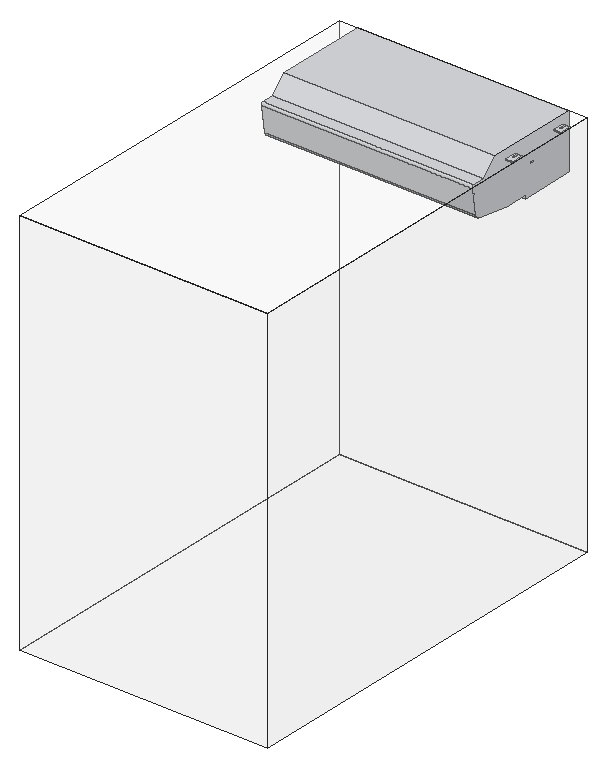
Revit family "pc-rp80140ha20_60hz", category 機械設備, Revit 2019
Family settings
  丸型コネクタ寸法 = 直径を使用
  パーツ タイプ = 標準
  OmniClass 番号 = 23.75.10.24.21.27.27
  OmniClass タイトル = Split System Air Conditioning Units
  作業面ベース = いいえ
  常に垂直 = はい
  ロード時にボイドで切り取り = いいえ
  共有 = いいえ
  部屋計算ポイント = はい
Parameters (values of type "厨房天吊_PC-RP80HA20")
  風量_強 (㎥/min) = 17
  風量_弱 (㎥/min) = 15
  風量 = MAX風量  # 1020.0 m³/h
  音響パワーレベル_強 (dB) = 57
  音響パワーレベル_弱 (dB) = 55
  音響パワーレベル(dB) = [音響パワーレベル_強 (dB)]  # 57
  電源種別 = ""
  電源_H = 0 mm
  電圧 = 0 V
  電動機出力_送風機 = 0.04 kW
  運転質量 = 0.00 kg
  連動 = ""
  質量 = if(製品質量 > 運転質量, 製品質量, 運転質量) * 1.2  # 50.40 kg
  負荷分類 = 3_ファン類
  構成品番 = "PC-RP80HA20"
  冷媒液管位置 = 175 mm
  冷媒ガス管位置 = 197 mm
  ドレン管径 (外径) = 32 mm
  【値が 0 の項目は組合せ形名にてご確認ください】 = ""
  MIN風量 = [風量_弱 (㎥/min)] * 60.0 m³/h  # 900.0 m³/h
  MAX風量 = [風量_強 (㎥/min)] * 60.0 m³/h  # 1020.0 m³/h
  サービススペース = yes
  ケーブルサイズ = 0 mm
  Version = ""
  URL = "https://www.mitsubishielectric.co.jp/ldg/wink/ssl/top.do"
  Line = not(Width = 1136 mm)  # no
  説明 = "店舗・事務所用パッケージエアコン(Mr.SLIM) 厨房用(天吊形)"
  設計暖房能力 = 0.00 kW
  設計冷房能力_顕熱 = 0 kW
  設計冷房能力 = 0 kW
  設置方法 = "天井吊形"
  記号 = ""
  製造元 = "三菱電機株式会社"
  製品質量 = 42.00 kg
  製品出荷対象 = "国内"
  製品リリース年月 = ""
  製品グループ = ""
  系統 = ""
  符号 = "PAC_CRK"
  積算_科目 = "1 空気調和設備"
  積算_拾い区分 [instance] = ""
  相 = 1
  盤記号 = ""
  発停方法 = "付属スイッチ"
  特殊仕様 = ""
  火災停止 = ""
  消費電力_暖房 = 0.14 kW
  消費電力_冷房 = 0.14 kW
  消費電力 = if(消費電力_冷房 > 消費電力_暖房, 消費電力_冷房, 消費電力_暖房)  # 0.14 kW
  法定耐用年数 = "6"
  極数 = 1
  材質 = ""
  本体マテリアル = none
  有効加湿量 = 0
  暖房能力 = 8.00 kW
  推奨ブレーカー容量 = 0 A
  形式_加湿器 = ""
  形式 = "厨房用天井吊（露出）形"
  幹線記号 = ""
  始動方式 = "直入"
  呼称 = "室内機_厨房用天井吊（露出）形"
  周波数 = 60 Hz
  吊り位置Y = 320 mm
  吊り位置X = 1180 mm
  吊りボルト_H = 43 mm
  台数_手元リモコン = ""
  台数_冷媒分岐ユニット = ""
  参照している仕様書等のバージョン = "公共建築工事標準仕様書（機械設備工事編）平成31年度版"
  加湿給水管径 = 0.00 mm
  分類コード = "50053003123100"
  分類グループ = ""
  冷房能力 = 7.1 kW
  冷媒高低圧ガス管径 = 0.00 mm
  冷媒管径符号 = "Bd"
  冷媒管径 = 100.00 mm
  冷媒液管高さ = 165 mm
  冷媒液管径 = 9.52 mm
  冷媒ガス管高さ = 165 mm
  冷媒ガス管径 = 15.88 mm
  企業コード = "108420"
  付属品_フィルター = ""
  付属品 = ""
  仕様書バージョン = "Version1.0"
  Model = ""
  パネルマテリアル = none
  ドレン管高さ = 254 mm
  ドレン管径 = 25.00 mm
  コメント [instance] = ""
  ケーブル種類 = ""
  Width = 1136 mm
  Uniclass2015Version = "Systems v1.9"
  Uniclass2015Title = "Split coil remote air cooled condensing units"
  Uniclass2015Code = "Pr_70_65_03_84"
  SpecificationReference = ""
  SpecificationDescription = ""
  S_H = 295 mm
  Revision = ""
  ProductInformation = ""
  OmniClassCode = "23-33 17 13 11"
  IfcTypeProduct = ""
  IfcProduct = ""
  IfcExportType = "AIRCONDITIONINGUNIT"
  IfcExportAs = "IfcUnitaryEquipmentType"
  Height = 280 mm
  Depth = 650 mm
  価格 = 0
  Clearance Top = 2 mm
  Clearance Right = 100 mm
  Clearance Left = 100 mm
  Clearance Front = 1500 mm
  Clearance Bottom = 1800 mm
  Clearance Back = 0 mm
  Author = "三菱電機株式会社"
Types (2, lengths in mm): name | 風量_強 (㎥/min) | 風量_弱 (㎥/min) | 風量 | 音響パワーレベル_強 (dB) | 音響パワーレベル_弱 (dB) | 音響パワーレベル(dB) | 電動機出力_送風機 | 質量 | 構成品番 | MIN風量 | MAX風量 | Line | 製品質量 | 消費電力_暖房 | 消費電力_冷房 | 消費電力 | 暖房能力 | 吊り位置X | 冷房能力 | Width
  厨房天吊_PC-RP140HA20 | 38 | 28 | 2280.0 m³/h | 68 | 61 | 68 | 0.16 kW | 67.20 kg | "PC-RP140HA20" | 1680.0 m³/h | 2280.0 m³/h | yes | 56.00 kg | 0.34 kW | 0.34 kW | 0.34 kW | 14.00 kW | 1564 | 12.5 kW | 1520
  厨房天吊_PC-RP80HA20 | 17 | 15 | 1020.0 m³/h | 57 | 55 | 57 | 0.04 kW | 50.40 kg | "PC-RP80HA20" | 900.0 m³/h | 1020.0 m³/h | no | 42.00 kg | 0.14 kW | 0.14 kW | 0.14 kW | 8.00 kW | 1180 | 7.1 kW | 1136
Reference planes
  plane 1 "中心(正面/背面)": y = 0
  plane 2: z = 0
  plane 3 "中心(左/右)": x = 0
  plane 4: x = 523
  plane 5: z = 3835
  plane 6: x = 438
  plane 7: z = 3835
  plane 8: x = 463
  plane 9: z = 3746
  plane 10: x = 668
  plane 11: x = 568
  plane 12: x = -668
  plane 13: x = -568
  plane 14: y = -650
  plane 15: z = -280
  plane 16: y = -2150
  plane 17: x = -590
  plane 18: x = 590
  plane 19: z = -2095
  plane 20: z = -295
  plane 21: x = 558.3
  plane 22: y = -80
  plane 23: y = -400
  plane 24: y = -325
  plane 25: y = -197
  plane 26: y = -175
  plane 27: y = -70
  plane 28: z = -43
  plane 29: z = -165
  plane 30: z = -254
  plane 31: x = 523
  plane 32: x = 438
  plane 33: x = 463
  plane 34: x = 463
  plane 35: z = 3746
  plane 36: z = 2
  plane 37: z = -95
  plane 38: z = -165
Forms (mm)
  Extrusion 1, solid
    sketch origin (0, -325, -4000) x (0, 1, 0) y (0, 0, 1)
      loop
        line (325, 4000) -> (-171.734, 4000) -> (-246.938, 3924.796) -> (-313.202, 3924.796)
        arc (-313.202, 3924.796) -> (-322.395, 3920.509) -> (-325.02, 3910.712) r 12
        line (-325.02, 3910.712) -> (-299.97, 3768.648)
        arc (-299.97, 3768.648) -> (-294.972, 3759.046) -> (-285.369, 3754.047) r 18
        line (-285.369, 3754.047) -> (-92.277, 3720) -> (35.069, 3720) -> (35.069, 3705) -> (325, 3705) -> (325, 4000)
    from -568 to 568
  Extrusion 2, solid, detail levels fine
    sketch origin (0, 0, 0) x (0, 0, -1) y (-1, 0, 0)
      loop
        circle (165.005, -523) r 7.94
    from -325 to -197
  Extrusion 3, solid, detail levels fine
    sketch origin (0, 0, 0) x (0, 0, -1) y (-1, 0, 0)
      loop
        circle (165.005, -438) r 4.76
    from -175 to -325
  Extrusion 4, solid, detail levels fine
    sketch origin (0, 0, 0) x (0, 0, -1) y (-1, 0, 0)
      loop
        circle (254.005, -463) r 16
    from -70 to -325
  Extrusion 5, solid, detail levels fine
    sketch origin (0, 0, -4000) x (1, 0, 0) y (0, 1, 0)
      loop
        line (568, -370) -> (568, -430) -> (612, -430) -> (612, -370) -> (595, -370) -> (595, -400)
        arc (595, -400) -> (590, -405) -> (585, -400) r 5
        line (585, -400) -> (585, -370) -> (568, -370)
    from 3954.5 to 3959.5
  Extrusion 6, solid, detail levels fine
    sketch origin (0, 320, -4000) x (1, 0, 0) y (0, 1, 0)
      loop
        line (568, -370) -> (568, -430) -> (612, -430) -> (612, -370) -> (595, -370) -> (595, -400)
        arc (595, -400) -> (590, -405) -> (585, -400) r 5
        line (585, -400) -> (585, -370) -> (568, -370)
    from 3954.5 to 3959.5
  Extrusion 7, solid, detail levels fine
    sketch origin (-1180, 0, -4000) x (1, 0, 0) y (0, 1, 0)
      loop
        line (568, -370) -> (568, -430) -> (612, -430) -> (612, -370) -> (595, -370) -> (595, -400)
        arc (595, -400) -> (590, -405) -> (585, -400) r 5
        line (585, -400) -> (585, -370) -> (568, -370)
    from 3954.5 to 3959.5
  Extrusion 8, solid, detail levels fine
    sketch origin (-1180, 320, -4000) x (1, 0, 0) y (0, 1, 0)
      loop
        line (568, -370) -> (568, -430) -> (612, -430) -> (612, -370) -> (595, -370) -> (595, -400)
        arc (595, -400) -> (590, -405) -> (585, -400) r 5
        line (585, -400) -> (585, -370) -> (568, -370)
    from 3954.5 to 3959.5
  Extrusion 9, solid, detail levels fine
    sketch origin (-3.482, 0, 0) x (1, 0, 0) y (0, 0, 1)
      loop
        circle (483.982, -165) r 50
    from 0 to 5
  Extrusion 10, solid, detail levels fine
    sketch origin (0, 160, 0) x (0, 0, -1) y (-1, 0, 0)
      loop
        circle (254.005, -463) r 16
    from -160 to -165
Lines and regions (mm)
  model lines, detail levels fine
    curve 1: line (-493, -647.647, -102.744) -> (-493, -628.546, -211.073)
    curve 2: line (493, -647.647, -102.744) -> (493, -628.546, -211.073)
    curve 3: line (-493, -647.647, -102.744) -> (493, -647.647, -102.744)
    curve 4: line (493, -628.546, -211.073) -> (-493, -628.546, -211.073)
Dimensions and locks
  equal spacing: plane 13, plane 3 "中心(左/右)", plane 11
  "Width": plane 13 to plane 11
  "Clearance Right": plane 11 to plane 10
  "Clearance Left": plane 12 to plane 13
  "Depth": plane 14 to plane 1 "中心(正面/背面)"
  "Height": level to plane 15
  "Clearance Front": plane 16 to plane 14
  equal spacing: plane 17, plane 3 "中心(左/右)", plane 18
  "吊り位置X": plane 17 to plane 18
  "S_H": level to plane 20
  locked: plane 21 to plane 11 at 9.7
  locked: plane 22 to plane 1 "中心(正面/背面)" at 80
  "吊り位置Y": plane 22 to plane 23
  plane 27 to plane 1 "中心(正面/背面)" = 70 mm
  "冷媒液管位置": plane 26 to plane 1 "中心(正面/背面)"  (x2)
  "冷媒ガス管位置": plane 25 to plane 1 "中心(正面/背面)"  (x2)
  plane 24 to plane 25 = 128 mm
  plane 24 to plane 26 = 150 mm
  "Clearance Bottom": plane 20 to plane 19
  "吊りボルト_H": level to plane 28
  level to plane 29 = 165 mm
  level to plane 30 = 254 mm
  plane 31 to plane 11 = 45 mm
  plane 32 to plane 31 = 85 mm
  plane 33 to plane 11 = 105 mm
  "Clearance Back": plane 1 "中心(正面/背面)" to nested 1
  equal spacing: plane 32, Extrusion 9 sketch curve, plane 31
  "Clearance Top": plane 36 to plane 2
  "冷媒ガス管高さ": plane 2 to plane 29
  "冷媒液管高さ": Extrusion 1 to plane 38
  "冷媒液管径": diameter of Extrusion 3 sketch curve
  "冷媒ガス管径": diameter of Extrusion 2 sketch curve
  "ドレン管径 (外径)": diameter of Extrusion 4 sketch curve
  "ドレン管径 (外径)": diameter of Extrusion 10 sketch curve
  aligned and locked: level to plane 2
  aligned and locked: plane 11 to Extrusion 1
  aligned and locked: plane 13 to Extrusion 1
  aligned and locked: plane 12 to nested 1
  aligned and locked: nested 1 to plane 10
  aligned and locked: plane 17 to nested 2
  aligned and locked: nested 2 to plane 18
  aligned and locked: plane 20 to Extrusion 1
  aligned and locked: plane 19 to nested 1
  aligned and locked: plane 21 to nested 3
  aligned and locked: nested 1 to plane 16
  aligned and locked: plane 22 to nested 2
  aligned and locked: plane 23 to nested 2
  aligned and locked: plane 1 "中心(正面/背面)" to nested 1
  aligned and locked: plane 36 to nested 1
Automatic sketch dimensions
  Extrusion 1 sketch curve to level = 0 mm
  Extrusion 1 sketch curve to plane 15 = 0 mm
  Extrusion 1 sketch curve to plane 20 = 0 mm
  Extrusion 1 sketch curve to plane 1 "中心(正面/背面)" = 0 mm
  plane 24 to Extrusion 1 sketch curve = 35.069 mm
  Extrusion 1 sketch curve to plane 23 = 17.277 mm
  Extrusion 1 sketch curve to plane 23 = 96.734 mm
  Extrusion 1 sketch curve to plane 28 = 32.204 mm
  plane 14 to Extrusion 1 sketch curve = 78.062 mm
  plane 14 to Extrusion 1 sketch curve = 42.756 mm
  plane 30 to Extrusion 1 sketch curve = 8.047 mm
  Extrusion 1 sketch curve to Extrusion 1 sketch curve = 3.126 mm
  Extrusion 1 sketch curve to Extrusion 1 sketch curve = 17.727 mm
  plane 14 to Extrusion 1 sketch curve = 11.798 mm
  Extrusion 1 sketch curve to plane 14 = 0.02 mm
  Extrusion 1 sketch curve to Extrusion 1 sketch curve = 14.601 mm
  Extrusion 1 sketch curve to Extrusion 1 sketch curve = 14.084 mm
  Extrusion 1 to curve 3 = 13.664 mm
  curve 2 to Extrusion 1 = 20.591 mm
  Extrusion 1 to curve 1 = 75 mm
  Extrusion 1 to curve 3 = 75 mm
  Extrusion 5 sketch curve to plane 11 = 0 mm
  Extrusion 5 sketch curve to plane 23 = 0 mm
  Extrusion 5 sketch curve to plane 18 = 0 mm
  Extrusion 5 sketch curve to Extrusion 5 sketch curve = 5 mm
  Extrusion 5 sketch curve to plane 18 = 22 mm
  Extrusion 5 sketch curve to plane 23 = 30 mm
  plane 23 to Extrusion 5 sketch curve = 30 mm
  Extrusion 5 sketch curve to Extrusion 5 sketch curve = 0 mm
  Extrusion 6 sketch curve to plane 11 = 0 mm
  Extrusion 6 sketch curve to plane 22 = 0 mm
  Extrusion 6 sketch curve to plane 18 = 0 mm
  Extrusion 6 sketch curve to Extrusion 6 sketch curve = 5 mm
  Extrusion 6 sketch curve to plane 18 = 22 mm
  Extrusion 6 sketch curve to plane 22 = 30 mm
  plane 27 to Extrusion 6 sketch curve = 20 mm
  Extrusion 6 sketch curve to Extrusion 6 sketch curve = 0 mm
  Extrusion 7 sketch curve to plane 23 = 0 mm
  Extrusion 7 sketch curve to plane 17 = 0 mm
  Extrusion 7 sketch curve to plane 13 = 0 mm
  Extrusion 7 sketch curve to plane 17 = 5 mm
  Extrusion 7 sketch curve to plane 17 = 22 mm
  Extrusion 7 sketch curve to plane 23 = 30 mm
  plane 23 to Extrusion 7 sketch curve = 30 mm
  Extrusion 7 sketch curve to Extrusion 7 sketch curve = 0 mm
  Extrusion 8 sketch curve to plane 22 = 0 mm
  Extrusion 8 sketch curve to plane 17 = 0 mm
  Extrusion 8 sketch curve to plane 13 = 0 mm
  Extrusion 8 sketch curve to plane 17 = 5 mm
  Extrusion 8 sketch curve to plane 17 = 22 mm
  Extrusion 8 sketch curve to plane 22 = 30 mm
  plane 27 to Extrusion 8 sketch curve = 20 mm
  Extrusion 8 sketch curve to Extrusion 8 sketch curve = 0 mm
  Extrusion 9 sketch curve to plane 29 = 0 mm
  Extrusion 1 to Extrusion 2 sketch curve = 45 mm
  Extrusion 2 sketch curve to Extrusion 1 = 129.995 mm
  Extrusion 3 sketch curve to Extrusion 1 = 129.995 mm
  Extrusion 1 to Extrusion 3 sketch curve = 130 mm
  Extrusion 4 sketch curve to Extrusion 1 = 40.995 mm
  Extrusion 1 to Extrusion 4 sketch curve = 105 mm
  plane 33 to Extrusion 10 sketch curve = 0 mm
  Extrusion 10 sketch curve to plane 30 = 0.005 mm
  radius of Extrusion 9 sketch curve = 50 mm
Nested families
  nested 1: "サービススペース" at (0, -1075, -1046.5), visible <- "サービススペース", type "サービススペース"
    with Width 1336 mm, Height 2097 mm, Depth 2150 mm
  nested 2: "固定点" at (-590, -400, 0), type "固定点"
    with W 1180 mm, D 320 mm
  nested 3: "吸込口" at (-192, 0, -4000), Width <- "Width", type "吸込口"
    with Width 1136 mm, Line no
Connectors
  piping at (480.5, 0, -165), diameter 100, driven by "冷媒管径", driven by "冷媒管径符号"
    settings: on Extrusion 9, index 1, connector inside diameter 609.60 mm, connector length 0 mm, flow factor 0, pipe flow 0.0 L/s, pressure drop 0.0 Pa, fitting loss kfactor 0, connector angle 0.00°, fixture units 0, engagement length 0 mm, angle of deflection 0.00°, flow configuration 1, flow direction 1, fitting loss method 4, system type 7, joint type 0, gender type 0, connector reference index -1, connector utility 0, adjustable connector no, is connector primary yes, connector description "Bd"
  piping at (463, 0, -254.005), diameter 32, driven by "ドレン管径 (外径)"
    settings: on Extrusion 10, index 2, connector inside diameter 609.60 mm, connector length 0 mm, flow factor 0, pipe flow 0.0 L/s, pressure drop 0.0 Pa, fitting loss kfactor 0, connector angle 0.00°, fixture units 0, engagement length 0 mm, angle of deflection 0.00°, flow configuration 1, flow direction 2, fitting loss method 4, system type 16, joint type 0, gender type 0, connector reference index -1, connector utility 0, adjustable connector no, is connector primary no, connector description ""
  electrical at (568, -417.216, -169.727), driven by "極数", driven by "負荷分類", driven by "電圧", driven by "消費電力"
    settings: on Extrusion 1, index 3, voltage 0 V, apparent load 140 VA, apparent load phase1 0 VA, apparent load phase2 0 VA, apparent load phase3 0 VA, power factor 1, load classification "3_ファン類", number of poles 1, system type 30, power factor state 1, is connector primary yes, connector utility no, sub classification motor no, connector description ""
Definition of nested family "サービススペース"
  Parameters (values of type "サービススペース")
    Width [instance] = 500 mm
    Height [instance] = 500 mm
    Depth [instance] = 500 mm
  Reference planes
    plane 1 "中心(正面/背面)": y = 0
    plane 2: z = 0
    plane 3 "中心(左/右)": x = 0
    plane 4: y = -250
    plane 5: x = 250
    plane 6: y = 250
    plane 7: x = -250
    plane 8: z = 250
    plane 9: z = -250
  Forms (mm)
    Extrusion 1, solid
      sketch origin (-638.939, 0, 72.39) x (1, 0, 0) y (0, 1, 0)
        loop
          line (388.939, 250) -> (388.939, -250) -> (888.939, -250) -> (888.939, 250) -> (388.939, 250)
      from -322.39 to 177.61
  Lines and regions (mm)
    symbolic lines
      curve 1: line (-250, 0, 250) -> (250, 0, 250)
      curve 2: line (-250, 0, -250) -> (-250, 0, 250)
      curve 3: line (250, 0, -250) -> (-250, 0, -250)
      curve 4: line (250, 0, 250) -> (250, 0, -250)
      curve 5: line (0, -250, 250) -> (0, 250, 250)
      curve 6: line (0, -250, -250) -> (0, -250, 250)
      curve 7: line (0, 250, -250) -> (0, -250, -250)
      curve 8: line (0, 250, 250) -> (0, 250, -250)
      curve 9: line (-250, 250, 0) -> (250, 250, 0)
      curve 10: line (-250, -250, 0) -> (-250, 250, 0)
      curve 11: line (250, -250, 0) -> (-250, -250, 0)
      curve 12: line (250, 250, 0) -> (250, -250, 0)
  Dimensions and locks
    equal spacing: plane 7, plane 3 "中心(左/右)", plane 5
    equal spacing: plane 4, plane 1 "中心(正面/背面)", plane 6
    "Depth": plane 4 to plane 6
    "Width": plane 7 to plane 5
    equal spacing: plane 8, plane 2, plane 9
    "Height": plane 8 to plane 9
    aligned and locked: plane 9 to curve 3
    aligned and locked: plane 7 to curve 2
    aligned and locked: curve 4 to plane 5
    aligned and locked: plane 5 to Extrusion 1
    aligned and locked: Extrusion 1 to plane 7
    aligned and locked: Extrusion 1 to plane 9
    aligned and locked: plane 8 to Extrusion 1
    aligned and locked: plane 9 to curve 7
  Automatic sketch dimensions
    plane 4 to Extrusion 1 sketch curve = 0 mm
    Extrusion 1 sketch curve to plane 7 = 0 mm
    Extrusion 1 sketch curve to plane 5 = 0 mm
    plane 6 to Extrusion 1 sketch curve = 0 mm
    curve 2 to plane 8 = 0 mm
    plane 4 to curve 11 = 0 mm
    curve 11 to plane 7 = 0 mm
    curve 11 to plane 5 = 0 mm
    plane 6 to curve 10 = 0 mm
    curve 7 to plane 4 = 0 mm
    curve 7 to plane 6 = 0 mm
    curve 6 to plane 8 = 0 mm
Definition of nested family "固定点"
  Parameters (values of type "固定点")
    中心円 = 20 mm
    W [instance] = 1000 mm
    D [instance] = 1000 mm
  Reference planes
    plane 1 "中心(正面/背面)": y = 0
    plane 2: z = 0
    plane 3 "中心(左/右)": x = 0
    plane 4: x = 1000
    plane 5: y = 1000
  Lines and regions (mm)
    symbolic lines, detail levels fine
      curve 1: circle (0, 1000, 0) r 10 normal (0, 0, 1)
      curve 2: circle (0, 0, 0) r 10 normal (0, 0, 1)
      curve 3: circle (1000, 1000, 0) r 10 normal (0, 0, 1)
      curve 4: circle (1000, 0, 0) r 10 normal (0, 0, 1)
      curve 5: line (-200, 1000, 0) -> (1200, 1000, 0)
      curve 6: line (-200, 0, 0) -> (1200, 0, 0)
      curve 7: line (0, 1200, 0) -> (0, -200, 0)
      curve 8: line (1000, 1200, 0) -> (1000, -200, 0)
  Dimensions and locks
    "W": plane 3 "中心(左/右)" to plane 4
    "D": plane 1 "中心(正面/背面)" to plane 5
    "中心円": diameter of curve 1
    "中心円": diameter of curve 2
    "中心円": diameter of curve 3
    "中心円": diameter of curve 4
    aligned and locked: level to plane 2
    aligned and locked: plane 5 to curve 1
    aligned and locked: plane 3 "中心(左/右)" to curve 1
    aligned and locked: plane 3 "中心(左/右)" to curve 2
    aligned and locked: plane 1 "中心(正面/背面)" to curve 2
    aligned and locked: plane 4 to curve 3
    aligned and locked: plane 5 to curve 3
    aligned and locked: plane 1 "中心(正面/背面)" to curve 4
    aligned and locked: plane 4 to curve 4
    aligned and locked: plane 1 "中心(正面/背面)" to curve 6
    aligned and locked: curve 7 to plane 3 "中心(左/右)"
    aligned and locked: curve 8 to plane 4
  Automatic sketch dimensions
    curve 5 to plane 5 = 0 mm
    curve 6 to plane 3 "中心(左/右)" = 200 mm
    curve 5 to plane 3 "中心(左/右)" = 200 mm
    curve 4 to curve 6 = 200 mm
    curve 3 to curve 5 = 200 mm
    plane 1 "中心(正面/背面)" to curve 8 = 200 mm
    plane 1 "中心(正面/背面)" to curve 7 = 200 mm
    curve 3 to curve 8 = 200 mm
    curve 1 to curve 7 = 200 mm
Definition of nested family "吸込口"
  Parameters (values of type "吸込口")
    Width [instance] = 1136 mm
    Line [instance] = not(Width = 1136 mm)  # no
  Reference planes
    plane 1 "Center (Front/Back)": y = 0
    plane 2: z = 0
    plane 3 "Center (Left/Right)": x = 0
  Lines and regions (mm)
    model lines, visible <- "Line", detail levels fine
      curve 1: line (-376.3, -289.931, 3705) -> (-376.3, 0, 3705)
      curve 12: line (-391.3, 0, 3705) -> (-391.3, -289.931, 3705)
      curve 13: line (-750.3, -274.931, 3705) -> (-750.3, -15, 3705)
      curve 14: line (-401.3, -15, 3705) -> (-401.3, -274.931, 3705)
      curve 15: line (-750.3, -15, 3705) -> (-401.3, -15, 3705)
      curve 16: line (-401.3, -274.931, 3705) -> (-750.3, -274.931, 3705)
      curve 17: line (-750.3, -54.429, 3705) -> (-595.903, -274.931, 3705)
      curve 18: line (-401.3, -55, 3705) -> (-555.297, -274.931, 3705)
      curve 19: line (-750.3, -235.571, 3705) -> (-595.854, -15, 3705)
      curve 20: line (-401.3, -235, 3705) -> (-555.346, -15, 3705)
      curve 21: line (-750.3, -274.931, 3705) -> (-750.3, -15, 3705)
      curve 40: line (750.3, -274.931, 3705) -> (750.3, -15, 3705)
    model lines, detail levels fine
      curve 2: line (-7.7, 0, 3705) -> (-7.7, -289.931, 3705)
      curve 3: line (-366.3, -274.931, 3705) -> (-366.3, -15, 3705)
      curve 4: line (-17.7, -15, 3705) -> (-17.7, -274.931, 3705)
      curve 5: line (-366.3, -15, 3705) -> (-17.7, -15, 3705)
      curve 6: line (-17.7, -274.931, 3705) -> (-366.3, -274.931, 3705)
      curve 7: line (-366.3, -55, 3705) -> (-212.303, -274.931, 3705)
      curve 8: line (-17.7, -55, 3705) -> (-171.697, -274.931, 3705)
      curve 9: line (-366.3, -235, 3705) -> (-212.254, -15, 3705)
      curve 10: line (-17.7, -235, 3705) -> (-171.746, -15, 3705)
      curve 11: line (7.3, -289.931, 3705) -> (7.3, 0, 3705)
      curve 22: line (376.3, -289.931, 3705) -> (376.3, 0, 3705)
      curve 23: line (366.3, -274.931, 3705) -> (366.3, -15, 3705)
      curve 24: line (17.7, -15, 3705) -> (17.7, -274.931, 3705)
      curve 25: line (366.3, -15, 3705) -> (17.7, -15, 3705)
      curve 26: line (17.7, -274.931, 3705) -> (366.3, -274.931, 3705)
      curve 27: line (366.3, -55, 3705) -> (212.303, -274.931, 3705)
      curve 28: line (17.7, -55, 3705) -> (171.697, -274.931, 3705)
      curve 29: line (366.3, -235, 3705) -> (212.254, -15, 3705)
      curve 30: line (17.7, -235, 3705) -> (171.746, -15, 3705)
      curve 31: line (391.3, 0, 3705) -> (391.3, -289.931, 3705)
      curve 32: line (750.3, -274.931, 3705) -> (750.3, -15, 3705)
      curve 33: line (401.3, -15, 3705) -> (401.3, -274.931, 3705)
      curve 34: line (750.3, -15, 3705) -> (401.3, -15, 3705)
      curve 35: line (401.3, -274.931, 3705) -> (750.3, -274.931, 3705)
      curve 36: line (750.3, -54.429, 3705) -> (595.903, -274.931, 3705)
      curve 37: line (401.3, -55, 3705) -> (555.297, -274.931, 3705)
      curve 38: line (750.3, -235.571, 3705) -> (595.854, -15, 3705)
      curve 39: line (401.3, -235, 3705) -> (555.346, -15, 3705)
  Dimensions and locks
    aligned and locked: level to plane 2
